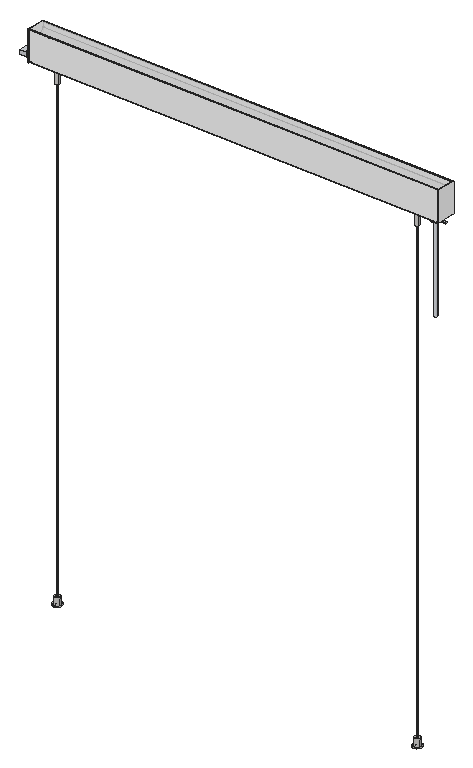
Revit family "2071461", category Lighting Fixtures, host Face, Revit 2022
Family settings
  Host = Face
  Round Connector Dimension = Use Diameter
  Part Type = Normal
  OmniClass Number = 23.80.70.00
  OmniClass Title = Lighting
  Cut with Voids When Loaded = No
  Light Source = Yes
  Maintain Annotation Orientation = No
  Shared = No
  Room Calculation Point = No
Parameters (values of type "MC2 D/I KIT 1.2M 3K DALI WHT PRIS")
  Weight = "3.4 kg"
  Wattage Comments = ""
  Wattage = 29 W
  WarrantyStartDate [instance] = "n/a"
  WarrantyGuarantorParts = "n/a"
  WarrantyDurationUnit = "Years"
  WarrantyDurationParts = "5"
  WarrantyDescription = "http://www.sylvania-group.com"
  built-in parameter 1150110 = 1 (stored number, unit not read)
  Voltage = 230 V
  URL = "http://www.sylvania-group.com"
  TypeName = "Mini Continuum II - Direct/Indirect - Suspended Kit"
  Type Image = <None>
  Type Comments = "n/a"
  built-in parameter 1114217 = 1 (stored number, unit not read)
  Tilt Angle = -90.00°
  built-in parameter 1150109 = 1 (stored number, unit not read)
  built-in parameter 1150134 = (empty or 0)
  SuspensionDistance2 = if(NominalLength = 1200 mm, 82 mm, if(NominalLength = 2400 mm, 112 mm, 112 mm))  # 82 mm
  SuspensionDistance1 = if(NominalLength = 1200 mm, 62 mm, if(NominalLength = 2400 mm, 112 mm, 112 mm))  # 62 mm
  built-in parameter 1150113 = 1 (stored number, unit not read)
  SerialNumber [instance] = "n/a"
  Photometric Web File = "2071461.ies"
  PendantMin = 50 mm  # constant formula
  PendantMax = 3000 mm  # constant formula
  PendantLength [instance] = if(MountingHeight < PendantMin, PendantMin, if(MountingHeight > PendantMax, PendantMax, MountingHeight))  # 1500 mm
  MountingHeight [instance] = 1500 mm
  Material_3_SYL = Metal_Sylvania_Mini Contiuum II_Silver
  PowerFactor = 0.95
  PowerConsumption = "29 W"
  NominalLength = 1200 mm
  NominalHeight = 86 mm
  NominalDepth = 54 mm
  Name = "MC2 D/I KIT 1.2M 3K DALI WHT PRIS"
  ModelReference = Name  # "MC2 D/I KIT 1.2M 3K DALI WHT PRIS"
  ModelNumber = "2071461"
  Model = Name  # "MC2 D/I KIT 1.2M 3K DALI WHT PRIS"
  Material = "Aluminium"
  ManufacturerName = Manufacturer  # "Feilo Sylvania"
  Manufacturer = "Feilo Sylvania"
  LuminousEfficacy = "129 lm/W"
  built-in parameter 1150105 = 297.7 (stored number, unit not read)
  Lumens = 3741 lm
  LuminaireType = "Suspended"
  built-in parameter 1150115 = 1 (stored number, unit not read)
  LightOutputRatio = "100"
  built-in parameter 1150137 = (empty or 0)
  built-in parameter 1150139 = (empty or 0)
  LampsType = Lamp  # "LED"
  LampNominalLuminous = "3750 lm"
  LampMacAdamStep = "3"
  LampColourTemperature = "3000 K"
  LampColourRenderingIndex = "80"
  built-in parameter 1150112 = 1 (stored number, unit not read)
  built-in parameter 1150114 = 1 (stored number, unit not read)
  Lamp = "LED"
  Keynote = "16500"
  InstallationDate [instance] = "n/a"
  InputVoltage = "220-240 V"
  InputNominalFrequency = "50/60Hz"
  built-in parameter 1150132 = (empty or 0)
  built-in parameter 1150102 = (empty or 0)
  built-in parameter 1150107 = 3000 (stored number, unit not read)
  built-in parameter 1150138 = (empty or 0)
  IngressProtection = "IP20"
  ImpactProtectionIndex = "IK03"
  built-in parameter 1150106 = 2.977 (stored number, unit not read)
  IfcExportType = "IfcLightFixtureType"
  IfcExportAs = "IfcLightFixtureType"
  Emit from Rectangle Width = NominalDepth  # 54 mm
  Emit from Rectangle Length = NominalLength  # 1200 mm
  Emit Shape Visible in Rendering = no
  EmergencyLight = no
  ElectricShockClassification = "Class I"
  built-in parameter 1150104 = 11.984 (stored number, unit not read)
  DocumentationLiterature = "https://www.sylvania-lighting.com/product/en-int/products/2071461/"
  DimmingControlOptions = "DALI"
  Material_2_SYL = Polycarbonate_Sylvania_Mini Continuum II_Prismatic_3000K
  Dimming Lamp Color Temperature Shift = <None>
  Description = "MC2-KIT D/I 1.2M 3K DALI WHT PRIS LED luminaire, white RAL9016 finishing, direct/indirect distribution (65/35), suspended kit version is pre-wired and supplied complete with end caps and suspension cables, compact and minimalist design based on the Golden Mean, ideal for offices, meeting rooms, corridors, education facilities, museums and libraries, extruded aluminium body, diffuser: micro prismatic, colour temperature: 3000K warm white, total system power: 29W, total fixture output: 3750lm, luminaire efficacy: 129lm/W, LOR: 100%, colour rendering: Ra >80, LED Chromacity: 3 step MacAdam ellipse, lifespan: 66,000 hours L90B10, IR/UV free light source without heat radiation, operating voltage: 220-240V / 50-60Hz, drive current: (Direct) 800mA + (Indirect) 350mA, electronic driver, DALI dimmable, direct/indirect independently addressable, electrical protection: CLASS I, IP20, suitable for internal environment only."
  Default Elevation = 1219.2 mm
  CreatedOn = "08/08/2024"
  CreatedBy = "petra.pavlicz@sylvania-lighting.com"
  Cost = 0
  Color Filter = 16777215
  built-in parameter 1114216 [instance] = (empty or 0)
  ClassificationValue = "EF_70_80"
  ClassificationName = "Uniclass2015"
  Material_1_SYL = Metal_Sylvania_Mini Continuum II_White
  BarCode [instance] = "n/a"
  built-in parameter 1114218 = 1 (stored number, unit not read)
  built-in parameter 1150133 = 10 (stored number, unit not read)
  AssetType = "Fixed"
  AssetIdentifier [instance] = "n/a"
  Assembly Code = "D5020200"
  Apparent Load = 30.5 VA
  Material_4_SYL = none
Reference planes
  plane 1 "Center (Front/Back)": y = 0
  plane 2: z = 0
  plane 3 "Center (Left/Right)": x = 0
  plane 4: y = 27
  plane 5: y = -27
  plane 6: x = -600
  plane 7: x = 600
  plane 8 "Fixture top": z = 1414
  plane 9 "Fixture bottom": z = 1500
  plane 10: z = 1487
  plane 11: x = 572
  plane 12: x = -572
  plane 13: x = 602
  plane 14: x = -602
  plane 15: x = 597
  plane 16: x = -597
  plane 17: x = -628
  plane 18: x = 518
  plane 19: x = -538
Forms (mm)
  Extrusion 1, solid, material "Metal_Sylvania_Mini Continuum II_White" <- "Material_1_SYL", detail levels coarse
    sketch origin (0, 0, 0) x (1, 0, 0) y (0, 1, 0)
      loop
        line (600, 27) -> (600, -27) -> (602, -27) -> (602, 27) -> (600, 27)
    from 1414 to 1500
  Extrusion 2, solid, material "Polycarbonate_Sylvania_Mini Continuum II_Prismatic_3000K" <- "Material_2_SYL"
    sketch origin (-4.8, 0, 305.049) x (0, 1, 0) y (0, 0, 1)
      loop
        line (22.233, 1181.951) -> (21.206, 1181.951) -> (14.206, 1151.951) -> (-14.206, 1151.951) -> (-21.206, 1181.951) -> (-22.233, 1181.951) -> (-15, 1150.951) -> (15, 1150.951) -> (22.233, 1181.951)
    from -592.2 to 601.8
  Extrusion 3, solid, material "Metal_Sylvania_Mini Continuum II_White" <- "Material_1_SYL"
    sketch origin (0, 0, 0) x (1, 0, 0) y (0, 1, 0)
      loop
        line (-602, 27) -> (-602, -27) -> (-600, -27) -> (-600, 27) -> (-602, 27)
    from 1414 to 1500
  Extrusion 4, solid, material "Metal_Sylvania_Mini Continuum II_White" <- "Material_1_SYL", detail levels coarse
    sketch origin (0, 0, 0) x (-1, 0, 0) y (0, -1, 0)
      loop
        line (-600, -27) -> (600, -27) -> (600, 27) -> (-600, 27) -> (-600, -27)
    from 1414 to 1500
  Extrusion 5, solid, material "Metal_Sylvania_Mini Continuum II_White" <- "Material_1_SYL", detail levels medium+fine
    sketch origin (2400, 0, 0) x (0, 1, 0) y (0, 0, -1)
      loop
        line (-25.5, -1500) -> (-25.5, -1416.509)
        arc (-25.5, -1416.509) -> (-25.351, -1416.149) -> (-24.991, -1416) r 0.509
        line (-24.991, -1416) -> (-13.539, -1416)
        arc (-13.539, -1416) -> (-13.158, -1416.158) -> (-13, -1416.539) r 0.539
        line (-13, -1416.539) -> (-13, -1421.159)
        arc (-13, -1421.159) -> (-12.842, -1421.542) -> (-12.459, -1421.7) r 0.541
        line (-12.459, -1421.7) -> (12.459, -1421.7)
        arc (12.459, -1421.7) -> (12.842, -1421.542) -> (13, -1421.159) r 0.541
        line (13, -1421.159) -> (13, -1416.539)
        arc (13, -1416.539) -> (13.158, -1416.158) -> (13.539, -1416) r 0.539
        line (13.539, -1416) -> (24.991, -1416)
        arc (24.991, -1416) -> (25.351, -1416.149) -> (25.5, -1416.509) r 0.509
        line (25.5, -1416.509) -> (25.5, -1500) -> (27, -1500) -> (27, -1414.5)
        arc (27, -1414.5) -> (26.854, -1414.146) -> (26.5, -1414) r 0.5
        line (26.5, -1414) -> (11.52, -1414)
        arc (11.52, -1414) -> (11.152, -1414.152) -> (11, -1414.52) r 0.52
        line (11, -1414.52) -> (11, -1419.17)
        arc (11, -1419.17) -> (10.845, -1419.545) -> (10.47, -1419.7) r 0.53
        line (10.47, -1419.7) -> (-10.47, -1419.7)
        arc (-10.47, -1419.7) -> (-10.845, -1419.545) -> (-11, -1419.17) r 0.53
        line (-11, -1419.17) -> (-11, -1414.52)
        arc (-11, -1414.52) -> (-11.152, -1414.152) -> (-11.52, -1414) r 0.52
        line (-11.52, -1414) -> (-26.5, -1414)
        arc (-26.5, -1414) -> (-26.854, -1414.146) -> (-27, -1414.5) r 0.5
        line (-27, -1414.5) -> (-27, -1500) -> (-25.5, -1500)
    from 3000 to 1800
  Extrusion 6, solid, material "Polycarbonate_Sylvania_Mini Continuum II_Prismatic_3000K" <- "Material_2_SYL"
    sketch origin (0, 0, 0) x (0, 1, 0) y (0, 0, 1)
      loop
        line (-25, 1500) -> (-25, 1498) -> (25, 1498) -> (25, 1500) -> (-25, 1500)
    from -600 to 600
  Extrusion 7, solid, material "Metal_Sylvania_Mini Continuum II_White" <- "Material_1_SYL", detail levels medium+fine
    sketch origin (0, 0, 0) x (0, 1, 0) y (0, 0, 1)
      loop
        arc (-26.5, 1500) -> (-26.854, 1499.854) -> (-27, 1499.5) r 0.5
        line (-27, 1499.5) -> (-27, 1414.537)
        arc (-27, 1414.537) -> (-26.843, 1414.157) -> (-26.463, 1414) r 0.537
        line (-26.463, 1414) -> (26.496, 1414)
        arc (26.496, 1414) -> (26.852, 1414.148) -> (27, 1414.504) r 0.504
        line (27, 1414.504) -> (27, 1499.459)
        arc (27, 1499.459) -> (26.841, 1499.841) -> (26.459, 1500) r 0.541
        line (26.459, 1500) -> (-26.5, 1500)
    from 600 to 602
  Extrusion 8, solid, material "Metal_Sylvania_Mini Continuum II_White" <- "Material_1_SYL"
    sketch origin (0, 0, 0) x (0, 1, 0) y (0, 0, -1)
      loop
        line (-26.5, -1500) -> (26.459, -1500)
        arc (26.459, -1500) -> (26.841, -1499.841) -> (27, -1499.459) r 0.541
        line (27, -1499.459) -> (27, -1414.504)
        arc (27, -1414.504) -> (26.852, -1414.148) -> (26.496, -1414) r 0.504
        line (26.496, -1414) -> (-26.463, -1414)
        arc (-26.463, -1414) -> (-26.843, -1414.157) -> (-27, -1414.537) r 0.537
        line (-27, -1414.537) -> (-27, -1499.5)
        arc (-27, -1499.5) -> (-26.854, -1499.854) -> (-26.5, -1500) r 0.5
    from 600 to 602
  Extrusion 9, solid
    sketch origin (384.076, 1524, 1219.2) x (0, 1, 0) y (0, 0, 1)
      loop
        line (-1514.443, 219.65) -> (-1547.043, 219.65) -> (-1547.043, 205.15) -> (-1514.443, 205.15) -> (-1514.443, 219.65)
    from -994.076 to -986.076
  Extrusion 10, solid
    sketch origin (319, 1524, 1219.2) x (0, 1, 0) y (0, 0, 1)
      loop
        line (-1514.743, 217.15) -> (-1546.743, 217.15) -> (-1546.743, 205.15) -> (-1514.743, 205.15) -> (-1514.743, 217.15)
    from -947 to -929
  Extrusion 11, solid, material "Metal_Sylvania_Mini Contiuum II_Silver" <- "Material_3_SYL"
    sketch origin (8.599, 0, 0) x (1, 0, 0) y (0, 1, 0)
      loop
        circle (509.401, 0) r 5.5
    from 1369.343 to 1414
  Extrusion 12, solid, material "Metal_Sylvania_Mini Contiuum II_Silver" <- "Material_3_SYL"
    sketch origin (0, 0, 0) x (1, 0, 0) y (0, 1, 0)
      loop
        circle (518, 0) r 1
    from 21.5 to 1369.343
  Extrusion 13, solid, material "Metal_Sylvania_Mini Contiuum II_Silver" <- "Material_3_SYL"
    sketch origin (0, 0, 0) x (1, 0, 0) y (0, 1, 0)
      loop
        circle (518, 0) r 8
    from 1.5 to 21.5
  Extrusion 14, solid, material "Metal_Sylvania_Mini Contiuum II_Silver" <- "Material_3_SYL"
    sketch origin (0, 0, 0) x (1, 0, 0) y (0, 1, 0)
      loop
        circle (518, 0) r 12.5
    from 0 to 1.5
  Extrusion 15, solid, material "Metal_Sylvania_Mini Contiuum II_Silver" <- "Material_3_SYL"
    sketch origin (-2167.401, 0, 0) x (1, 0, 0) y (0, 1, 0)
      loop
        circle (1629.401, 0) r 5.5
    from 1369.343 to 1414
  Extrusion 16, solid, material "Metal_Sylvania_Mini Contiuum II_Silver" <- "Material_3_SYL"
    sketch origin (-2176, 0, 0) x (1, 0, 0) y (0, 1, 0)
      loop
        circle (1638, 0) r 1
    from 21.5 to 1369.343
  Extrusion 17, solid, material "Metal_Sylvania_Mini Contiuum II_Silver" <- "Material_3_SYL"
    sketch origin (-2176, 0, 0) x (1, 0, 0) y (0, 1, 0)
      loop
        circle (1638, 0) r 8
    from 1.5 to 21.5
  Extrusion 18, solid, material "Metal_Sylvania_Mini Contiuum II_Silver" <- "Material_3_SYL"
    sketch origin (-2176, 0, 0) x (1, 0, 0) y (0, 1, 0)
      loop
        circle (1638, 0) r 12.5
    from 0 to 1.5
  Extrusion 19, solid
    sketch origin (0, 0, 0) x (1, 0, 0) y (0, 1, 0)
      loop
        circle (572, 0) r 11.5
    from 1400 to 1414
  Extrusion 20, void
    sketch origin (0, 0, 0) x (1, 0, 0) y (0, 1, 0)
      loop
        circle (518, 0) r 2.5
    from -18.368 to 21
  Extrusion 21, void
    sketch origin (0, 0, 0) x (-1, 0, 0) y (0, -1, 0)
      loop
        circle (538, 0) r 2.5
    from -18.881 to 21
  Extrusion 22, void
    sketch origin (0, 0, 0) x (1, 0, 0) y (0, 1, 0)
      loop
        circle (572, 0) r 8
    from 1400 to 1414
  Extrusion 23, solid
    sketch origin (0, 0, 331.135) x (1, 0, 0) y (0, 1, 0)
      loop
        circle (572, 0) r 5
    from 817.865 to 1082.865
  Extrusion 24, solid
    sketch origin (0, 0, 0) x (1, 0, 0) y (0, 1, 0)
      loop
        line (560, 6.75) -> (560, -6.75) -> (584, -6.75) -> (584, 6.75) -> (560, 6.75)
    from 1402 to 1410
  Extrusion 25, solid
    sketch origin (0, 0, 0) x (1, 0, 0) y (0, 1, 0)
      loop
        line (584, -1.75) -> (604, -1.75) -> (604, 1.75) -> (584, 1.75) -> (584, -1.75)
    from 1402 to 1405.5
Cuts and joins
  Extrusion 20 cuts Extrusion 12
  Extrusion 20, Extrusion 21 cuts Extrusion 13
  Extrusion 20, Extrusion 21 cuts Extrusion 14
  Extrusion 21 cuts Extrusion 18
  Extrusion 21 cuts Extrusion 17
  Extrusion 22 cuts Extrusion 19
Dimensions and locks
  "NominalLength": plane 6 to plane 7
  equal spacing: plane 6, plane 3 "Center (Left/Right)", plane 7
  "NominalHeight": plane 9 "Fixture bottom" to plane 8 "Fixture top"
  equal spacing: plane 4, plane 1 "Center (Front/Back)", plane 5
  "NominalDepth": plane 4 to plane 5
  locked: imposter light to plane 10 at 13
  locked: plane 6 to plane 12 at 28
  locked: plane 11 to plane 7 at 28
  plane 13 to Extrusion 3 = 1204 mm
  plane 14 to Extrusion 2 = 5 mm
  locked: Extrusion 3 to Extrusion 5 sketch curve at 1.5
  locked: Extrusion 5 sketch curve to Extrusion 3 at 1.5
  locked: Extrusion 5 sketch curve to Extrusion 5 sketch curve at 2  (x3)
  locked: Extrusion 5 sketch curve to Extrusion 5 sketch curve at 5.7
  Extrusion 5 sketch curve to Extrusion 5 sketch curve to Extrusion 3 = 22 mm locked, 16 mm locked
  locked: Extrusion 6 sketch curve to Extrusion 6 sketch curve at 2
  locked: Extrusion 6 sketch curve to Extrusion 6 sketch curve at 50
  locked: plane 7 to plane 13 at 2
  locked: plane 14 to plane 6 at 2
  locked: plane 15 to plane 7 at 3
  locked: plane 6 to plane 16 at 3
  locked: Extrusion 9 to plane 14 at 8
  locked: Extrusion 9 sketch curve to Extrusion 9 sketch curve at 32.6
  locked: Extrusion 9 sketch curve to Extrusion 9 sketch curve at 14.5
  locked: Extrusion 9 sketch curve to Extrusion 8 at 3.957
  locked: Extrusion 8 to Extrusion 9 sketch curve at 61.15
  locked: Extrusion 10 sketch curve to Extrusion 10 sketch curve at 32
  locked: Extrusion 10 sketch curve to Extrusion 10 sketch curve at 12
  locked: plane 14 to plane 17 at 26
  "SuspensionDistance2": plane 18 to plane 7
  "SuspensionDistance1": plane 6 to plane 19
  locked: Extrusion 11 to Extrusion 11 at 44.657
  Extrusion 12 to Extrusion 12 = 1347.843 mm
  locked: Extrusion 13 to Extrusion 13 at 20
  locked: Extrusion 14 to Extrusion 14 at 1.5
  locked: Extrusion 15 to Extrusion 15 at 44.657
  Extrusion 16 to Extrusion 16 = 1347.843 mm
  locked: Extrusion 17 to Extrusion 17 at 20
  locked: Extrusion 18 to Extrusion 18 at 1.5
  locked: plane 9 "Fixture bottom" to plane 10 at 13
  "PendantLength": plane 9 "Fixture bottom" to level
  locked: Extrusion 21 to level at 21
  locked: Extrusion 19 to Extrusion 19 at 14
  locked: Extrusion 24 sketch curve to Extrusion 24 sketch curve at 13.5
  locked: Extrusion 24 sketch curve to Extrusion 24 sketch curve at 24
  locked: Extrusion 24 to Extrusion 25 sketch curve at 20
  locked: Extrusion 25 sketch curve to Extrusion 25 sketch curve at 3.5
  locked: Extrusion 24 to Extrusion 24 at 8
  locked: Extrusion 25 to Extrusion 25 at 3.5
  locked: plane 8 "Fixture top" to Extrusion 24 at 12
  locked: Extrusion 23 to Extrusion 23 at 265
  diameter of Extrusion 11 sketch curve = 11 mm
  diameter of Extrusion 12 sketch curve = 2 mm
  diameter of Extrusion 13 sketch curve = 16 mm
  diameter of Extrusion 14 sketch curve = 25 mm
  diameter of Extrusion 15 sketch curve = 11 mm
  diameter of Extrusion 16 sketch curve = 2 mm
  diameter of Extrusion 17 sketch curve = 16 mm
  diameter of Extrusion 18 sketch curve = 25 mm
  diameter of Extrusion 19 sketch curve = 23 mm
  diameter of Extrusion 20 sketch curve = 5 mm
  diameter of Extrusion 21 sketch curve = 5 mm
  diameter of Extrusion 22 sketch curve = 16 mm
  diameter of Extrusion 23 sketch curve = 10 mm
  aligned and locked: plane 2 to host face
  aligned and locked: level to host face
  aligned and locked: plane 9 "Fixture bottom" to imposter light
  aligned and locked: plane 10 to Extrusion 2  (x2)
  aligned and locked: Extrusion 3 sketch curve to plane 4
  aligned and locked: plane 5 to Extrusion 3 sketch curve
  aligned and locked: plane 4 to Extrusion 4
  aligned and locked: Extrusion 4 to plane 5
  aligned and locked: plane 9 "Fixture bottom" to Extrusion 4
  aligned and locked: Extrusion 4 to plane 8 "Fixture top"
  aligned and locked: Extrusion 5 to plane 6
  aligned and locked: Extrusion 5 to plane 7
  aligned and locked: plane 6 to Extrusion 5
  aligned and locked: plane 7 to Extrusion 6
  aligned and locked: Extrusion 6 to plane 6
  aligned and locked: Extrusion 1 to plane 7
  aligned and locked: plane 13 to Extrusion 1
  aligned and locked: plane 6 to Extrusion 3
  aligned and locked: Extrusion 3 to plane 14
  aligned and locked: Extrusion 4 to plane 6
  aligned and locked: plane 7 to Extrusion 4
  aligned and locked: Extrusion 7 sketch curve to plane 9 "Fixture bottom"
  aligned and locked: plane 8 "Fixture top" to Extrusion 7 sketch curve
  aligned and locked: Extrusion 7 sketch curve to plane 4
  aligned and locked: plane 5 to Extrusion 7 sketch curve
  aligned and locked: plane 13 to Extrusion 7
  aligned and locked: Extrusion 7 to plane 7
  aligned and locked: plane 6 to Extrusion 8
  aligned and locked: Extrusion 8 to plane 14
  aligned and locked: Extrusion 2 to plane 16
  aligned and locked: Extrusion 2 to plane 15
  aligned and locked: Extrusion 9 to plane 14
  aligned and locked: Extrusion 10 sketch curve to Extrusion 9
  aligned and locked: Extrusion 9 to Extrusion 10
  aligned and locked: Extrusion 10 to plane 17
  aligned and locked: plane 8 "Fixture top" to Extrusion 11
  aligned and locked: plane 18 to Extrusion 11 sketch curve
  aligned and locked: plane 1 "Center (Front/Back)" to Extrusion 11 sketch curve
  aligned and locked: plane 18 to Extrusion 12 sketch curve
  aligned and locked: plane 1 "Center (Front/Back)" to Extrusion 12 sketch curve
  aligned and locked: Extrusion 12 to Extrusion 11
  aligned and locked: plane 18 to Extrusion 13 sketch curve
  aligned and locked: plane 1 "Center (Front/Back)" to Extrusion 13 sketch curve
  aligned and locked: Extrusion 13 to Extrusion 12
  aligned and locked: plane 18 to Extrusion 14 sketch curve
  aligned and locked: plane 1 "Center (Front/Back)" to Extrusion 14 sketch curve
  aligned and locked: Extrusion 14 to Extrusion 13
  aligned and locked: Extrusion 14 to level
  aligned and locked: Extrusion 16 to Extrusion 15
  aligned and locked: Extrusion 17 to Extrusion 16
  aligned and locked: Extrusion 18 to Extrusion 17
  aligned and locked: plane 19 to Extrusion 18 sketch curve
  aligned and locked: plane 1 "Center (Front/Back)" to Extrusion 18 sketch curve
  aligned and locked: plane 19 to Extrusion 17 sketch curve
  aligned and locked: plane 1 "Center (Front/Back)" to Extrusion 17 sketch curve
  aligned and locked: plane 19 to Extrusion 15 sketch curve
  aligned and locked: plane 1 "Center (Front/Back)" to Extrusion 15 sketch curve
  aligned and locked: plane 19 to Extrusion 16 sketch curve
  aligned and locked: plane 1 "Center (Front/Back)" to Extrusion 16 sketch curve
  aligned and locked: Extrusion 3 to plane 9 "Fixture bottom"
  aligned and locked: Extrusion 3 to plane 8 "Fixture top"
  aligned and locked: Extrusion 1 to plane 9 "Fixture bottom"
  aligned and locked: Extrusion 1 to plane 8 "Fixture top"
  aligned and locked: Extrusion 18 to level
  aligned and locked: plane 8 "Fixture top" to Extrusion 15
  aligned and locked: plane 11 to Extrusion 19 sketch curve
  aligned and locked: plane 1 "Center (Front/Back)" to Extrusion 19 sketch curve
  aligned and locked: plane 18 to Extrusion 20 sketch curve
  aligned and locked: plane 1 "Center (Front/Back)" to Extrusion 20 sketch curve
  aligned and locked: plane 19 to Extrusion 21 sketch curve
  aligned and locked: plane 1 "Center (Front/Back)" to Extrusion 21 sketch curve
  aligned and locked: plane 11 to Extrusion 22 sketch curve
  aligned and locked: plane 1 "Center (Front/Back)" to Extrusion 22 sketch curve
  aligned and locked: plane 8 "Fixture top" to Extrusion 19
  aligned and locked: plane 8 "Fixture top" to Extrusion 22
  aligned and locked: Extrusion 19 to Extrusion 22
  aligned and locked: plane 11 to Extrusion 23 sketch curve
  aligned and locked: plane 1 "Center (Front/Back)" to Extrusion 23 sketch curve
  aligned and locked: plane 8 "Fixture top" to Extrusion 23
  aligned and locked: Extrusion 25 sketch curve to Extrusion 24
  aligned and locked: Extrusion 24 to Extrusion 25
Automatic sketch dimensions
  host sketch curve to host sketch curve = 2438.4 mm  (x2)
  Extrusion 24 sketch curve to plane 11 = 12 mm
  plane 1 "Center (Front/Back)" to Extrusion 24 sketch curve = 6.75 mm
  Extrusion 25 sketch curve to plane 1 "Center (Front/Back)" = 1.75 mm
  Extrusion 1 sketch curve to plane 5 = 0 mm
  Extrusion 1 sketch curve to plane 7 = 0 mm
  Extrusion 1 sketch curve to plane 13 = 0 mm
  Extrusion 1 sketch curve to plane 4 = 0 mm
  Extrusion 2 sketch curve to plane 10 = 0 mm  (x2)
  plane 5 to Extrusion 2 sketch curve = 4.767 mm
  Extrusion 2 sketch curve to Extrusion 2 sketch curve = 1.027 mm  (x2)
  plane 5 to Extrusion 2 sketch curve = 12 mm
  Extrusion 2 sketch curve to Extrusion 2 sketch curve = 0.794 mm  (x2)
  Extrusion 2 sketch curve to plane 4 = 12.794 mm
  Extrusion 2 sketch curve to plane 4 = 5.794 mm
  Extrusion 2 sketch curve to plane 10 = 30 mm
  Extrusion 2 sketch curve to Extrusion 2 sketch curve = 1 mm
  Extrusion 3 sketch curve to plane 14 = 0 mm
  Extrusion 3 sketch curve to plane 6 = 0 mm
  Extrusion 4 sketch curve to plane 5 = 0 mm
  Extrusion 4 sketch curve to plane 7 = 0 mm
  Extrusion 4 sketch curve to plane 6 = 0 mm
  Extrusion 4 sketch curve to plane 4 = 0 mm
  Extrusion 5 sketch curve to plane 5 = 0 mm
  Extrusion 5 sketch curve to plane 8 "Fixture top" = 0 mm  (x2)
  Extrusion 5 sketch curve to plane 4 = 0 mm
  Extrusion 5 sketch curve to plane 9 "Fixture bottom" = 0 mm  (x2)
  plane 5 to Extrusion 5 sketch curve = 0.5 mm
  Extrusion 5 sketch curve to Extrusion 5 sketch curve = 0.509 mm  (x2)
  Extrusion 5 sketch curve to Extrusion 5 sketch curve = 2.539 mm
  Extrusion 5 sketch curve to Extrusion 5 sketch curve = 0.539 mm  (x2)
  Extrusion 5 sketch curve to Extrusion 5 sketch curve = 0.541 mm
  plane 8 "Fixture top" to Extrusion 5 sketch curve = 0.52 mm
  Extrusion 5 sketch curve to Extrusion 5 sketch curve = 0.53 mm  (x2)
  Extrusion 5 sketch curve to Extrusion 5 sketch curve = 0.52 mm
  Extrusion 5 sketch curve to Extrusion 5 sketch curve = 1.989 mm
  Extrusion 5 sketch curve to Extrusion 5 sketch curve = 1.48 mm
  Extrusion 5 sketch curve to Extrusion 5 sketch curve = 0.5 mm
  Extrusion 6 sketch curve to plane 9 "Fixture bottom" = 0 mm
  plane 5 to Extrusion 6 sketch curve = 2 mm
  Extrusion 7 sketch curve to Extrusion 7 sketch curve = 0.5 mm
  Extrusion 7 sketch curve to Extrusion 7 sketch curve = 0.537 mm
  Extrusion 7 sketch curve to plane 4 = 0.541 mm
  Extrusion 7 sketch curve to plane 4 = 0.504 mm
  Extrusion 8 sketch curve to plane 5 = 0 mm
  Extrusion 8 sketch curve to plane 9 "Fixture bottom" = 0 mm
  Extrusion 8 sketch curve to plane 8 "Fixture top" = 0 mm
  Extrusion 8 sketch curve to plane 4 = 0 mm
  plane 5 to Extrusion 8 sketch curve = 0.5 mm
  Extrusion 8 sketch curve to Extrusion 8 sketch curve = 0.537 mm
  Extrusion 8 sketch curve to plane 4 = 0.541 mm
  Extrusion 8 sketch curve to plane 4 = 0.504 mm
  plane 5 to Extrusion 10 sketch curve = 4.257 mm
  radius of Extrusion 21 sketch curve = 2.5 mm
Connectors
  electrical at (-628, -6.743, 1430.35), driven by "Voltage", driven by "Apparent Load", driven by "PowerFactor"
    settings: on Extrusion 10, index 1, voltage 230 V, apparent load 30.5 VA, apparent load phase1 0 VA, apparent load phase2 0 VA, apparent load phase3 0 VA, power factor 0.95, load classification "Lighting", number of poles 1, system type 30, power factor state 1, is connector primary yes, connector utility no, sub classification motor no, connector description ""
